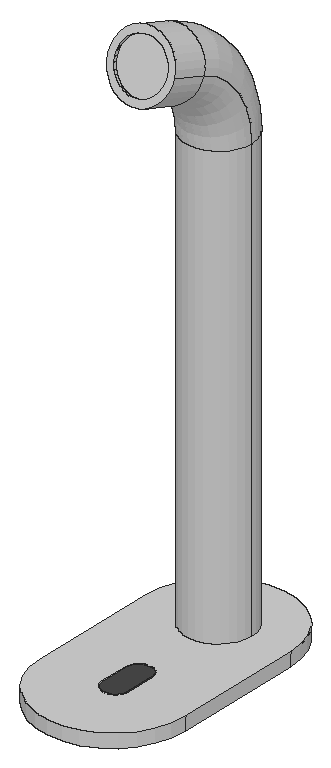
Revit family "LIANO II SENSOR 210 WALL OUTLET SALES KIT", category Specialty Equipment, host Face, Revit 2019
Family settings
  Host = Face
  Round Connector Dimension = Use Radius
  Part Type = Normal
  OmniClass Number = 23.45.55.14
  OmniClass Title = Single Faucets
  Cut with Voids When Loaded = No
  Shared = No
  Room Calculation Point = No
Parameters (values of type "LIANO II SENSOR 210 WALL OUTLET SALES KIT – Chrome")
  URL = "https://www.caroma.com.au/"
  Model = "96388C6A"
  Material_Sensor = GWA-Acrylic-Black
  Material_Base = GWA_Metal-Chrome
  Manufacturer = "GWA Bathrooms & Kitchens"  # constant formula
  Keynote = ""
  Description = "LIANO II SENSOR 210 WALL OUTLET SALES KIT – Chrome"
  Default Elevation = 1000.00 mm
  CreatedBy_ANZRS = "GWA Bathrooms & Kitchens"  # constant formula
  Assembly Code = "C1030220"
Types (6, lengths in mm): name | Model | Material_Base | Description
  (no name) | "96388C6A" | GWA_Metal-Chrome | "LIANO II SENSOR 210 WALL OUTLET SALES KIT – Chrome"
  LIANO II SENSOR 210 WALL OUTLET SALES KIT – Chrome | "96388C6A" | GWA_Metal-Chrome | "LIANO II SENSOR 210 WALL OUTLET SALES KIT – Chrome"
  LIANO II SENSOR 210 WALL OUTLET SALES KIT – Matte Black | "96388B6A" | GWA-Metal-Black | "LIANO II SENSOR 210 WALL OUTLET SALES KIT – Matte Black"
  LIANO II SENSOR 210 WALL OUTLET SALES KIT – Brushed Brass | "96388BB6A" | GWA_Metal-Brushed-Brass | "LIANO II SENSOR 210 WALL OUTLET SALES KIT – Brushed Brass"
  LIANO II SENSOR 210 WALL OUTLET SALES KIT – Gunmetal | "96388GM6A" | GWA-Metal-Gunmetal Grey | "LIANO II SENSOR 210 WALL OUTLET SALES KIT – Gunmetal"
  LIANO II SENSOR 210 WALL OUTLET SALES KIT – Brushed Nickel | "96388BN6A" | GWA_Metal-Brushed-Nickel | "LIANO II SENSOR 210 WALL OUTLET SALES KIT – Brushed Nickel"
Reference planes
  plane 1 "Center (Front/Back)": y = 0
  plane 2: z = 0
  plane 3 "Center (Left/Right)": x = 0
  plane 4 "outletend": through (0, -32.256, 222.334) normal (0, 0.9397, -0.342)
Forms (mm)
  Extrusion 1, solid, material "GWA_Metal-Chrome" <- "Material_Base"
    sketch origin (0, 0, 0) x (1, 0, 0) y (0, 1, 0)
      loop
        arc (27.5, 0) -> (0, 27.5) -> (-27.5, 0) r 27.5
        line (-27.5, 0) -> (-27.5, -50)
        arc (-27.5, -50) -> (0, -77.5) -> (27.5, -50) r 27.5
        line (27.5, -50) -> (27.5, 0)
      loop
        arc (-5, -48.9) -> (0, -53.9) -> (5, -48.9) r 5
        line (5, -48.9) -> (5, -37.9)
        arc (5, -37.9) -> (0, -32.9) -> (-5, -37.9) r 5
        line (-5, -37.9) -> (-5, -48.9)
    from 0 to 5.2
  Sweep 2, solid, material "GWA_Metal-Chrome" <- "Material_Base"
    path origin (0, 0, 0) x (0, 1, 0) y (0, 0, 1)
      loop
        line (0, 5.2) -> (0, 172.571)
        arc (0, 172.571) -> (-6.33, 192.647) -> (-23.029, 205.461) r 35
        line (-23.029, 205.461) -> (-36.6, 210.4)
    profile origin (0, 0, 88.886) x (0, -1, 0) y (1, 0, 0)
      loop
        circle (0, 0) r 12.7
  Extrusion 3, void
    sketch origin (0, -99.94, 36.375) x (0, 0.34202, 0.939693) y (1, 0, 0)
      loop
        circle (185.193, 0) r 10
    from -1 to 1
  Extrusion 4, solid, material "GWA-Acrylic-Black" <- "Material_Sensor"
    sketch origin (0, 0, 0) x (1, 0, 0) y (0, 1, 0)
      loop
        arc (5, -37.9) -> (0, -32.9) -> (-5, -37.9) r 5
        line (-5, -37.9) -> (-5, -48.9)
        arc (-5, -48.9) -> (0, -53.9) -> (5, -48.9) r 5
        line (5, -48.9) -> (5, -37.9)
    from 0 to 5.2
Cuts and joins
  Extrusion 3 cuts Sweep 2
Lines and regions (mm)
  Masking region 1
    outline origin (0, 0, 0) x (1, 0, 0) y (0, 1, 0)
      loop
        arc (27.5, 0) -> (0, 27.5) -> (-27.5, 0) r 27.5
        line (-27.5, 0) -> (-27.5, -50)
        arc (-27.5, -50) -> (0, -77.5) -> (27.5, -50) r 27.5
        line (27.5, -50) -> (27.5, 0)
  Masking region 2
    outline origin (-50, 0, 0) x (0, 0, -1) y (0, -1, 0)
      loop
        line (-5.2, 12.7) -> (-172.571, 12.7)
        arc (-172.571, 12.7) -> (-185.362, 16.733) -> (-193.527, 27.373) r 22.3
        line (-193.527, 27.373) -> (-198.466, 40.944) -> (-222.334, 32.256) -> (-217.395, 18.686)
        arc (-217.395, 18.686) -> (-199.931, -4.074) -> (-172.571, -12.7) r 47.7
        line (-172.571, -12.7) -> (-5.2, -12.7) -> (-5.2, -27.5) -> (0, -27.5) -> (0, 77.5) -> (-5.2, 77.5) -> (-5.2, 12.7)
  Masking region 3
    outline origin (0, 0, 0) x (1, 0, 0) y (0, 0, 1)
      loop
        spline (12.7, 210.4) -> (12.267, 213.489) -> (10.999, 216.367) -> (8.98, 218.839) -> (6.35, 220.735) -> (3.287, 221.927) -> (0, 222.334) -> (-3.287, 221.927) -> (-6.35, 220.735) -> (-8.98, 218.839) -> (-10.999, 216.367) -> (-12.267, 213.489) -> (-12.7, 210.4)
        line (-12.7, 210.4) -> (-12.7, 5.2) -> (-27.5, 5.2) -> (-27.5, 0) -> (27.5, 0) -> (27.5, 5.2) -> (12.7, 5.2) -> (12.7, 210.4)
  symbolic lines
    curve 1: arc (27.5, 0, 0) -> (0, 27.5, 0) -> (-27.5, 0, 0) r 27.5
    curve 2: line (-27.5, 0, 0) -> (-27.5, -50, 0)
    curve 3: line (27.5, -50, 0) -> (27.5, 0, 0)
    curve 4: arc (-27.5, -50, 0) -> (0, -77.5, 0) -> (27.5, -50, 0) r 27.5
    curve 5: line (5, -48.9, 0) -> (5, -40.593, 0)
    curve 6: arc (-5, -48.9, 0) -> (0, -53.9, 0) -> (5, -48.9, 0) r 5
    curve 7: line (-5, -40.593, 0) -> (-5, -48.9, 0)
    curve 8: spline (-12.7, -36.6, 0) -> (-12.267, -37.724, 0) -> (-10.999, -38.772, 0) -> (-8.98, -39.671, 0) -> (-6.35, -40.362, 0) -> (-3.287, -40.796, 0) -> (0, -40.944, 0) -> (3.287, -40.796, 0) -> (6.35, -40.362, 0) -> (8.98, -39.671, 0) -> (10.999, -38.772, 0) -> (12.267, -37.724, 0) -> (12.7, -36.6, 0)
    curve 9: spline (12.7, -36.6, 0) -> (12.267, -35.476, 0) -> (10.999, -34.428, 0) -> (8.98, -33.529, 0) -> (6.35, -32.838, 0) -> (3.287, -32.404, 0) -> (0, -32.256, 0) -> (-3.287, -32.404, 0) -> (-6.35, -32.838, 0) -> (-8.98, -33.529, 0) -> (-10.999, -34.428, 0) -> (-12.267, -35.476, 0) -> (-12.7, -36.6, 0)
    curve 10: spline (0, -40.02, 0) -> (-2.588, -39.904, 0) -> (-5, -39.562, 0) -> (-7.071, -39.018, 0) -> (-8.66, -38.31, 0) -> (-9.659, -37.485, 0) -> (-10, -36.6, 0) -> (-9.659, -35.715, 0) -> (-8.66, -34.89, 0) -> (-7.071, -34.182, 0) -> (-5, -33.638, 0) -> (-2.588, -33.296, 0) -> (0, -33.18, 0)
    curve 11: spline (0, -33.18, 0) -> (2.588, -33.296, 0) -> (5, -33.638, 0) -> (7.071, -34.182, 0) -> (8.66, -34.89, 0) -> (9.659, -35.715, 0) -> (10, -36.6, 0) -> (9.659, -37.485, 0) -> (8.66, -38.31, 0) -> (7.071, -39.018, 0) -> (5, -39.562, 0) -> (2.588, -39.904, 0) -> (0, -40.02, 0)
    curve 12: arc (-12.7, 0, 0) -> (0, 12.7, 0) -> (12.7, 0, 0) r 12.7
    curve 13: line (-12.7, 0, 0) -> (-12.7, -36.6, 0)
    curve 14: line (12.7, 0, 0) -> (12.7, -36.6, 0)
    curve 15: line (-50, -77.5, 5.2) -> (-50, 27.5, 5.2)
    curve 16: line (-50, -77.5, 0) -> (-50, -77.5, 5.2)
    curve 17: line (-50, 27.5, 0) -> (-50, -77.5, 0)
    curve 18: line (-50, 27.5, 5.2) -> (-50, 27.5, 0)
    curve 19: line (-50, -32.256, 222.334) -> (-50, -18.686, 217.395)
    curve 20: line (-50, -40.944, 198.466) -> (-50, -27.373, 193.527)
    curve 21: arc (-50, -27.373, 193.527) -> (-50, -16.733, 185.362) -> (-50, -12.7, 172.571) r 22.3
    curve 22: arc (-50, -18.686, 217.395) -> (-50, 4.074, 199.931) -> (-50, 12.7, 172.571) r 47.7
    curve 23: line (-50, 12.7, 5.2) -> (-50, 12.7, 172.571)
    curve 24: line (-50, -12.7, 5.2) -> (-50, -12.7, 172.571)
    curve 25: line (-50, -32.256, 222.334) -> (-50, -40.944, 198.466)
    curve 26: spline (12.7, 0, 210.4) -> (12.267, 0, 213.489) -> (10.999, 0, 216.367) -> (8.98, 0, 218.839) -> (6.35, 0, 220.735) -> (3.287, 0, 221.927) -> (0, 0, 222.334) -> (-3.287, 0, 221.927) -> (-6.35, 0, 220.735) -> (-8.98, 0, 218.839) -> (-10.999, 0, 216.367) -> (-12.267, 0, 213.489) -> (-12.7, 0, 210.4)
    curve 27: line (27.5, 0, 5.2) -> (-27.5, 0, 5.2)
    curve 28: line (27.5, 0, 0) -> (27.5, 0, 5.2)
    curve 29: line (-27.5, 0, 0) -> (27.5, 0, 0)
    curve 30: line (-27.5, 0, 5.2) -> (-27.5, 0, 0)
    curve 31: line (12.7, 0, 210.4) -> (12.7, 0, 5.2)
    curve 32: line (-12.7, 0, 210.4) -> (-12.7, 0, 5.2)
Dimensions and locks
  aligned and locked: plane 2 to host face
  aligned and locked: level to host face
